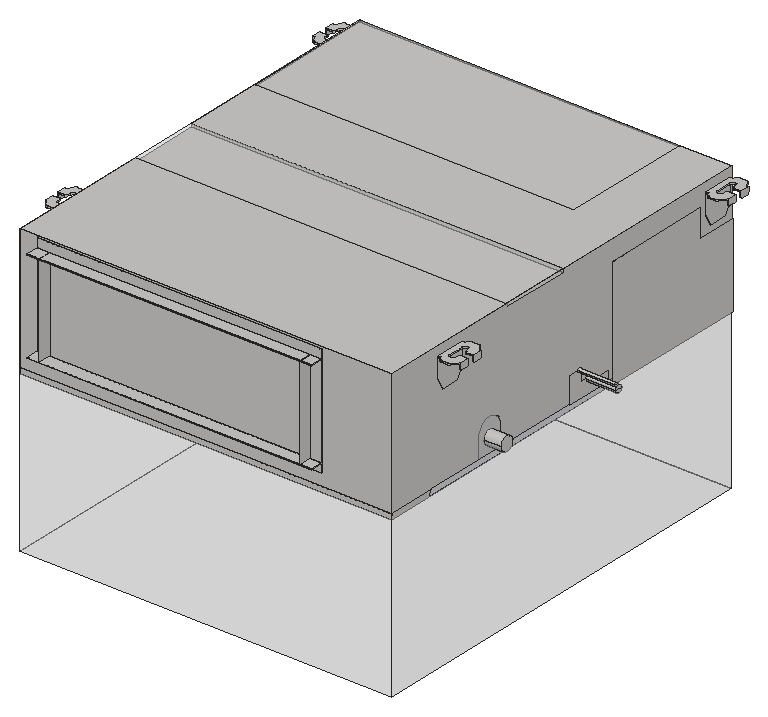
Revit family "outputfile", category 機械設備, Revit 2024
Family settings
  丸型コネクタ寸法 = 半径を使用
  パーツ タイプ = 標準
  OmniClass 番号 = 23.75.10.24.21.27.27
  OmniClass タイトル = Split System Air Conditioning Units
  作業面ベース = いいえ
  常に垂直 = はい
  ロード時にボイドで切り取り = いいえ
  注釈の向きを維持 = いいえ
  共有 = いいえ
  部屋計算ポイント = はい
Parameters (values of type "FXDBQ40AVM4")
  Description = ""
  書き出し IFC クラス(タイプ) = "IfcUnitaryEquipmentType"
  定義済み IFC タイプ(タイプ) = "AIRCONDITIONINGUNIT"
  Cost = 0
  Type Comments = ""
  Keynote = ""
  Type Image = (empty or 0)
  Assembly Code = ""
  lh_liquidpipe = [h***] + 60.0 mm  # 60.0 mm
  lh_RA [instance] = if(Rear Connection_Return Air, 125.25 mm + [h***], 245.0 mm + [h***])  # 125.25 mm
  ld_RA_length [instance] = if(Rear Connection_Return Air, 245.0 mm, 126.0 mm)  # 245.0 mm
  l_liquidpipe_length [instance] = 421.0 mm
  l_gaspipe_length [instance] = 408.0 mm
  l_drainpipe_length [instance] = 383.0 mm
  angle_vertica [instance] = 90.00°
  angle horizontal [instance] = if(Right Connection_refrigerant, 180.00°, 0.00°)  # 180.00°
  URL = ""
  Right Connection_refrigerant [instance] = yes
  製造元 = "Daikin"
  モデル = "FXDBQ40AVM4"
  w_pipe = 33.0 mm
  r_Liquid Pipe Size = Liquid Pipe Size / 2  # 3.2 mm
  r_Gas Pipe Size = Gas Pipe Size / 2  # 6.35 mm
  r_Drain Pipe Size = Drain Pipe Size / 2  # 12.5 mm
  lw_powersupply = 304.0 mm
  lw_ductflange2 = 602.0 mm
  lw_Width = 535.0 mm
  lh_suctionflange [instance] = 125.25 mm
  ld_suctionflange [instance] = if(Rear Connection_Return Air, 190.0 mm, 100.0 mm)  # 190.0 mm
  ld_powersupply = 60.0 mm
  angle_vertical_RA [instance] = if(Rear Connection_Return Air, 90.00°, 0.00°)  # 90.00°
  angle horizontal_RA [instance] = if(Rear Connection_Return Air, 180.00°, 270.00°)  # 180.00°
  Voltage_comment_60Hz = "220-230"
  Voltage_comment_50Hz = "220-240"
  Voltage_60Hz = 220 V
  Voltage_50Hz = 230 V
  Supply Air Direction [instance] = yes
  Sound Power Level_H speed (dB) = 0
  Rear Connection_Return Air [instance] = not(Bottom Connection_Return Air)  # yes
  RA_length [instance] = 245.0 mm  # constant formula
  Phase_60Hz = 1
  Phase_50Hz = 1
  Minimum External Static Pressure = 15.00 Pa
  Minimum Circuit Amps_60Hz = 1.0 A
  Minimum Circuit Amps_50Hz = 1.0 A
  Maximum Fuse Amps_60Hz = 16.0 A
  Maximum Fuse Amps_50Hz = 16.0 A
  Maximum External Static Pressure = 50.00 Pa
  Material_Casing = DAIKIN_GalvanizedSteel_Casing_indoorunit
  lw_liquidpipe = 71.0 mm  # constant formula
  lw_gaspipe = 58.0 mm  # constant formula
  lw_mountinghole_pitch = 738.0 mm
  lw_mountinghole = 20.0 mm  # constant formula
  lw_drainpipe = 33.0 mm  # constant formula
  lh_powersupply = 10.0 mm
  lh_gaspipe = [h***] + 38.0 mm  # 38.0 mm
  lh_mountinghole = Height - 15.0 mm + [h***]  # 230.0 mm
  lh_drainpipe = 150.0 mm
  lh_antena = 16.0 mm  # constant formula
  ld_liquidpipe = 193.0 mm  # constant formula
  ld_gaspipe = 130.0 mm  # constant formula
  ld_mountinghole_pitch = 630.0 mm  # constant formula
  ld_drainpipe = 280.0 mm
  ld_controlbox = 626.0 mm  # constant formula
  h*** = 0.0 mm  # constant formula
  d_dischargeflange = 25.0 mm  # constant formula
  Width = 700.0 mm
  Version = "ver.1.0"
  Unit Type = "Bedroom Duct Type"
  Unit Mass Weight = 26.00 kg
  Unit Designation [instance] = ""
  Uniclass2015Version = "Products v1.30"
  Uniclass2015Title = "Variable refrigerant flow units"
  Uniclass2015Code = "Pr_70_65_03_94"
  Total Heating Capacity [instance] = 0.000 kW
  Total Cooling Capacity [instance] = 0.000 kW
  Sound Pressure Level_M speed (dBA) = 0
  Sound Pressure Level_L speed (dBA) = 27
  Sound Pressure Level_H speed (dBA) = 35
  Series = "VRV Fan Coil Unit"
  Sensible Cooling Capacity [instance] = 0.000 kW
  SA Duct Size Width = 490.0 mm
  SA Duct Size Height = 174.0 mm
  Refrigerant Type = "R410A"
  RA Duct Size Width = 562.0 mm
  RA Duct Size Height [instance] = if(Rear Connection_Return Air, 202.6 mm, 204.0 mm)  # 202.6 mm
  Power Input (Heating) = 0.062 kW
  Power Input (Cooling) = 0.062 kW
  Option Accessory 3 [instance] = ""
  Option Accessory 2 [instance] = ""
  Option Accessory 1 [instance] = ""
  Nominal Heating Capacity = 5.000 kW
  Nominal Cooling Capacity = 4.500 kW
  Minimum Airflow = 510.00 m³/h
  Median Airflow = 630.00 m³/h
  Maximum Airflow = 798.00 m³/h
  Load Classification = HVAC
  Liquid Pipe Size = 6.4 mm
  Link_Nested Family [instance] = ""
  Left Connection_refrigerant [instance] = no
  IfcVersion = "0"
  IfcExportType = "AIRCONDITIONINGUNIT"
  IfcExportAs = "IfcUnitaryEquipmentType"
  Height = 245.0 mm
  Heating Entering Wet Bulb Temperature [instance] = 0.00 °C
  Heating Entering Dry Bulb Temperature [instance] = 0.00 °C
  Heating Ambient Wet Bulb Temperature [instance] = 0.00 °C
  Heating Ambient Dry Bulb Temperature [instance] = 0.00 °C
  Heat Exchanger Type = "Cross Fin Coil"
  Gas Pipe Size = 12.7 mm
  Frequency_60Hz = 60 Hz
  Frequency_50Hz = 50 Hz
  Fan Type = "Sirocco Fan"
  Fan Drive = "Direct Drive"
  FCU Tag No. [instance] = ""
  Drain Pipe Size = 25.0 mm
  Design Supply Airflow [instance] = 0.00 m³/h
  Design Return Airflow [instance] = 0.00 m³/h
  Design External Static Pressure [instance] = 0.00 Pa
  Depth = 800.0 mm
  既定の高さ = 0.0 mm
  Cooling Entering Wet Bulb Temperature [instance] = 0.00 °C
  Cooling Entering Dry Bulb Temperature [instance] = 0.00 °C
  Cooling Ambient Wet Bulb Temperature [instance] = 0.00 °C
  Cooling Ambient Dry Bulb Temperature [instance] = 0.00 °C
  Clearance visibility [instance] = yes
  Clearance Top = 0.0 mm
  Clearance Right = 0.0 mm
  Clearance Rear = 0.0 mm
  Clearance Left = 0.0 mm
  Clearance Front = 0.0 mm
  Clearance Bottom = 300.0 mm
  Bottom Connection_Return Air [instance] = no
Reference planes
  plane 1 "Center (Front/Back)": y = 0
  plane 2: z = 0
  plane 3 "Center (Left/Right)": x = 0
  plane 4 "Back": y = 400
  plane 5 "Front": y = -400
  plane 6 "Left": x = -350
  plane 7 "Right": x = 350
  plane 8 "Top": z = 0
  plane 9 "Bottom": z = -245
  plane 10: x = 330
  plane 11: x = -330
  plane 12: z = -235
  plane 13: z = -6
  plane 14: z = -67
  plane 15: z = -185
  plane 16: z = -207
  plane 17: x = -304
  plane 18: x = 304
  plane 19: x = -369
  plane 20: x = 369
  plane 21: x = -389
  plane 22: x = 390
  plane 23: x = 421
  plane 24: x = 408
  plane 25: x = 383
  plane 26: z = -15
  plane 27: z = -95
  plane 28 "Clearance Left": x = -350
  plane 29 "Clearance Right": x = 350
  plane 30 "Clearance Rear": y = 400
  plane 31 "Clearance Front": y = -400
  plane 32 "Clearance Top": z = 0
  plane 33 "Clearance Bottom": z = -545
  plane 34: z = -21
  plane 35: z = -206
  plane 36: z = -141.5
  plane 37: x = -40
  plane 38: y = 61
  plane 39: y = 39
  plane 40: y = -30
  plane 41: y = -171
  plane 42: z = -97.5
  plane 43: y = -400
  plane 44: x = -349
  plane 45: z = -145
  plane 46: z = -355
  plane 47: y = 210
  plane 48: z = 331
  plane 49: z = -244
  plane 50: y = 210
  plane 51: z = -146
  plane 52: x = 383
  plane 53: x = 345
  plane 54: x = 355
  plane 55: x = 351
  plane 56: x = 251
  plane 57: x = 349.004
  plane 58: x = -349
  plane 59: x = 304
  plane 60: z = -108
  plane 61: z = -234
  plane 62: x = -317
  plane 63: z = -3
  plane 64: x = -49.5
  plane 65: z = -1
  plane 66: y = 155
  plane 67: x = -50
  plane 68: y = -266
  plane 69: y = 364
  plane 70: z = -15
  plane 71: z = -185
  plane 72: z = -207
  plane 73: x = -383
  plane 74: x = -351
  plane 75: x = -421
  plane 76: x = -408
  plane 77: y = 280.25
  plane 78: z = 125.25
  plane 79: y = 117.5
  plane 80: z = -36.4
  plane 81: y = 399
Forms (mm)
  Extrusion 1, solid
    sketch origin (0, 0, 0) x (1, 0, 0) y (0, 0, 1)
      loop
        line (-350, -235) -> (-350, -245) -> (350, -245) -> (350, -235) -> (-350, -235)
    from -116.5 to 310
  Extrusion 2, solid, material "DAIKIN_GalvanizedSteel_Casing_indoorunit" <- "Material_Casing"
    sketch origin (0, 0, 0) x (1, 0, 0) y (0, 1, 0)
      loop
        line (-350, -400) -> (350, -400) -> (350, 400) -> (-350, 400) -> (-350, -400)
    from -245 to 0
  Extrusion 3, void
    sketch origin (0, 0, 1) x (1, 0, 0) y (0, 1, 0)
      loop
        line (-350, -128.821) -> (350, -128.821) -> (350, 4.179) -> (-350, 4.179) -> (-350, -128.821)
    from -1 to -7
  Revolve 4, solid, material "DAIKIN_GalvanizedSteel_Casing_indoorunit" <- "Material_Casing"
    sketch origin (0, 0, -207) x (0, -1, 0) y (1, 0, 0)
      loop
        line (-67.35, 351) -> (-61, 351) -> (-61, 408) -> (-67.35, 408) -> (-67.35, 351)
      axis (-61, 351) -> (-61, 408)
    angle from 0 to 360
  Revolve 5, solid, material "DAIKIN_GalvanizedSteel_Casing_indoorunit" <- "Material_Casing"
    sketch origin (0, 0, -185) x (0, -1, 0) y (1, 0, 0)
      loop
        line (-39, 351) -> (-39, 421) -> (-42.2, 421) -> (-42.2, 351) -> (-39, 351)
      axis (-39, 421) -> (-39, 351)
    angle from 0 to 360
  Extrusion 6, solid, material "DAIKIN_GalvanizedSteel_Casing_indoorunit" <- "Material_Casing"
    sketch origin (0, 0, 0) x (0, 1, 0) y (0, 0, 1)
      loop
        circle (-171, -206) r 13
    from 383 to 349.004
  Extrusion 7, solid, material "DAIKIN_GalvanizedSteel_Casing_indoorunit" <- "Material_Casing"
    sketch origin (0, 0, 0) x (1, 0, 0) y (0, 0, 1)
      loop
        line (-350, -235) -> (-350, -245) -> (350, -245) -> (350, -235) -> (-350, -235)
    from -116.5 to 400
  Extrusion 8, void
    sketch origin (0, 0, 0) x (1, 0, 0) y (0, 0, 1)
      loop
        line (251, 0) -> (-349, 0) -> (-349, -1) -> (251, -1) -> (251, 0)
    from -400 to -152.5
  Extrusion 9, solid, material "DAIKIN_GalvanizedSteel_Casing_indoorunit" <- "Material_Casing", visible <- "Rear Connection_Return Air"
    sketch origin (0, 0, 0) x (1, 0, 0) y (0, 1, 0)
      loop
        line (-349, 400) -> (-349, 152.5) -> (251, 152.5) -> (251, 400) -> (-349, 400)
    from -245 to -244
  Extrusion 10, solid, material "DAIKIN_GalvanizedSteel_Casing_indoorunit" <- "Material_Casing", visible <- "Bottom Connection_Return Air"
    sketch origin (0, 0, 0) x (1, 0, 0) y (0, 0, 1)
      loop
        line (251, -1) -> (-349, -1) -> (-349, -245) -> (251, -245) -> (251, -1)
    from -400 to -399
  Extrusion 11, void
    sketch origin (0, 0, 0) x (0, 1, 0) y (0, 0, 1)
      loop
        arc (-143.5, -198.721) -> (-171, -171.221) -> (-198.5, -198.721) r 27.5
        line (-198.5, -198.721) -> (-198.5, -235) -> (-143.5, -235) -> (-143.5, -198.721)
    from 349.004 to 350
  Extrusion 12, solid, material "DAIKIN_GalvanizedSteel_Casing_indoorunit" <- "Material_Casing"
    sketch origin (0, 0, 0) x (0, 1, 0) y (0, 0, 1)
      loop
        line (35.8, -185) -> (16.8, -185) -> (16.8, -235) -> (107.3, -235) -> (107.3, -217) -> (67.3, -217) -> (67.3, -207)
        arc (67.3, -207) -> (60.975, -213.325) -> (54.65, -207) r 6.325
        line (54.65, -207) -> (42.2, -207) -> (42.2, -185)
        arc (42.2, -185) -> (39, -188.2) -> (35.8, -185) r 3.2
    from 350 to 351
  Extrusion 13, void
    sketch origin (0, 0, 0) x (0, 1, 0) y (0, 0, -1)
      loop
        line (-143.5, 198.721) -> (-143.5, 235) -> (-198.5, 235) -> (-198.5, 198.721)
        arc (-198.5, 198.721) -> (-171, 171.221) -> (-143.5, 198.721) r 27.5
    from 349 to 350
  Extrusion 14, solid, material "DAIKIN_GalvanizedSteel_Casing_indoorunit" <- "Material_Casing"
    sketch origin (0, 0, 0) x (0, 1, 0) y (0, 0, -1)
      loop
        circle (-171, 206) r 13
    from 383 to 349
  Extrusion 15, solid, material "DAIKIN_GalvanizedSteel_Casing_indoorunit" <- "Material_Casing"
    sketch origin (0, 0, 0) x (0, 1, 0) y (0, 0, -1)
      loop
        arc (35.8, 185) -> (39, 188.2) -> (42.2, 185) r 3.2
        line (42.2, 185) -> (42.2, 207) -> (54.65, 207)
        arc (54.65, 207) -> (60.975, 213.325) -> (67.3, 207) r 6.325
        line (67.3, 207) -> (67.3, 217) -> (107.3, 217) -> (107.3, 235) -> (16.8, 235) -> (16.8, 185) -> (35.8, 185)
    from 350 to 351
  Revolve 16, solid, material "DAIKIN_GalvanizedSteel_Casing_indoorunit" <- "Material_Casing"
    sketch origin (0, 0, -185) x (0, -1, 0) y (1, 0, 0)
      loop
        line (-39, -351) -> (-42.2, -351) -> (-42.2, -421) -> (-39, -421) -> (-39, -351)
      axis (-39, -421) -> (-39, -351)
    angle from 0 to 360
  Revolve 17, solid, material "DAIKIN_GalvanizedSteel_Casing_indoorunit" <- "Material_Casing"
    sketch origin (0, 0, -207) x (0, -1, 0) y (1, 0, 0)
      loop
        line (-67.35, -351) -> (-67.35, -408) -> (-61, -408) -> (-61, -351) -> (-67.35, -351)
      axis (-61, -351) -> (-61, -408)
    angle from 0 to 360
  Extrusion 18, solid, material "DAIKIN_GalvanizedSteel_Casing_indoorunit" <- "Material_Casing"
    sketch origin (0, 0, 0) x (0, 1, 0) y (0, 0, 1)
      loop
        line (117.5, -36.4) -> (117.5, -245) -> (400, -245) -> (400, -88) -> (322.4, -88) -> (322.4, -36.4) -> (117.5, -36.4)
    from 351 to 350
Cuts and joins
  Extrusion 3, Extrusion 8, Extrusion 11, Extrusion 13 cuts Extrusion 2
  Extrusion 8, Extrusion 11, Extrusion 13 cuts Extrusion 7
Dimensions and locks
  "lh_powersupply": plane 12 to plane 9 "Bottom"
  locked: plane 8 "Top" to plane 13 at 6
  "Height": plane 8 "Top" to plane 9 "Bottom"
  equal spacing: plane 17, plane 3 "Center (Left/Right)", plane 18, locked at 304 each
  locked: plane 17 to plane 18 at 608
  equal spacing: plane 19, plane 3 "Center (Left/Right)", plane 20
  "lw_mountinghole_pitch": plane 19 to plane 20
  locked: plane 14 to plane 9 "Bottom" at 178
  "lw_mountinghole": plane 21 to plane 19
  locked: plane 15 to plane 9 "Bottom" at 60
  "lh_gaspipe": plane 16 to plane 9 "Bottom"
  "lh_mountinghole": plane 26 to plane 9 "Bottom"
  equal spacing: plane 6 "Left", plane 3 "Center (Left/Right)", plane 7 "Right"
  "Width": plane 6 "Left" to plane 7 "Right"
  "lh_drainpipe": plane 27 to plane 9 "Bottom"
  "Clearance Right": plane 7 "Right" to plane 29 "Clearance Right"
  "Clearance Left": plane 28 "Clearance Left" to plane 6 "Left"
  "lw_gaspipe": plane 7 "Right" to plane 24
  "lw_liquidpipe": plane 7 "Right" to plane 23
  "lw_drainpipe": plane 7 "Right" to plane 25
  "Clearance Rear": plane 30 "Clearance Rear" to plane 4 "Back"
  "Clearance Front": plane 5 "Front" to plane 31 "Clearance Front"
  "Clearance Top": plane 32 "Clearance Top" to plane 8 "Top"
  "Clearance Bottom": plane 9 "Bottom" to plane 33 "Clearance Bottom"
  locked: plane 8 "Top" to plane 34 at 21
  locked: plane 8 "Top" to plane 35 at 206
  locked: plane 36 to plane 9 "Bottom" at 103.5
  locked: plane 34 to plane 42 at 76.5
  locked: plane 44 to plane 6 "Left" at 1
  locked: plane 12 to plane 45 at 90
  locked: plane 46 to plane 33 "Clearance Bottom" at 190
  plane 48 to plane 26 = 346.0 mm
  locked: plane 49 to plane 9 "Bottom" at 1
  "ld_suctionflange": plane 4 "Back" to plane 50
  locked: plane 51 to plane 9 "Bottom" at 99
  locked: plane 7 "Right" to plane 52 at 33
  locked: plane 53 to plane 7 "Right" at 5
  locked: plane 7 "Right" to plane 54 at 5
  locked: plane 7 "Right" to plane 55 at 1
  plane 7 "Right" to plane 56 = 99.0 mm
  locked: plane 7 "Right" to plane 57 at 0.996
  locked: plane 58 to plane 6 "Left" at 1
  "lw_powersupply": plane 3 "Center (Left/Right)" to plane 59
  locked: plane 61 to plane 9 "Bottom" at 11
  locked: plane 6 "Left" to plane 62 at 33
  locked: plane 8 "Top" to plane 63 at 3
  locked: plane 8 "Top" to plane 65 at 1
  plane 66 to plane 4 "Back" = 245.0 mm
  "ld_mountinghole_pitch": plane 69 to plane 68
  locked: plane 8 "Top" to plane 70 at 15
  "Depth": plane 4 "Back" to plane 43
  equal spacing: plane 4 "Back", plane 1 "Center (Front/Back)", plane 43, locked at 400 each
  locked: plane 31 "Clearance Front" to plane 41 at 229
  locked: plane 31 "Clearance Front" to plane 39 at 439
  locked: plane 39 to plane 38 at 22
  locked: plane 8 "Top" to plane 71 at 185
  locked: plane 71 to plane 72 at 22
  locked: plane 60 to plane 9 "Bottom" at 137
  plane 72 to plane 9 "Bottom" = 38.0 mm
  locked: plane 73 to plane 6 "Left" at 33
  locked: plane 74 to plane 6 "Left" at 1
  locked: plane 75 to plane 6 "Left" at 71
  locked: plane 76 to plane 6 "Left" at 58
  "r_Liquid Pipe Size": Revolve 5 sketch curve to Revolve 5 sketch curve
  "r_Gas Pipe Size": Revolve 4 sketch curve to Revolve 4 sketch curve
  "lh_suctionflange": plane 78 to level
  "r_Liquid Pipe Size": Revolve 16 sketch curve to Revolve 16 sketch curve
  "r_Gas Pipe Size": Revolve 17 sketch curve to Revolve 17 sketch curve
  locked: plane 68 to plane 43 at 134
  "ld_RA_length": plane 30 "Clearance Rear" to plane 66
  locked: plane 30 "Clearance Rear" to Extrusion 9 sketch curve at 247.5
  locked: plane 79 to plane 30 "Clearance Rear" at 282.5
  locked: plane 80 to plane 9 "Bottom" at 208.6
  locked: Extrusion 18 sketch curve to Extrusion 18 sketch curve at 51.6
  locked: Extrusion 18 sketch curve to nested 8 at 77.6
  locked: plane 4 "Back" to plane 81 at 1
  aligned and locked: level to plane 2
  aligned and locked: Extrusion 2 to plane 9 "Bottom"
  aligned and locked: plane 8 "Top" to Extrusion 2
  aligned and locked: Revolve 4 sketch curve to Revolve 4 sketch curve
  aligned and locked: plane 20 to nested 2
  aligned and locked: plane 19 to nested 3
  aligned and locked: plane 19 to nested 4
  aligned and locked: nested 7 to plane 12
  aligned and locked: Extrusion 7 to plane 9 "Bottom"
  aligned and locked: Extrusion 6 sketch curve to plane 41
  aligned and locked: plane 4 "Back" to Extrusion 8
  aligned and locked: plane 8 "Top" to Extrusion 3
  aligned and locked: plane 9 "Bottom" to Extrusion 9  (x2)
  aligned and locked: Extrusion 9 to plane 49
  aligned and locked: Extrusion 8 to level
  aligned and locked: plane 30 "Clearance Rear" to nested 8
  aligned and locked: plane 29 "Clearance Right" to nested 8
  aligned and locked: plane 28 "Clearance Left" to nested 8
  aligned and locked: nested 8 to plane 32 "Clearance Top"
  aligned and locked: nested 8 to plane 33 "Clearance Bottom"
  aligned and locked: Extrusion 3 to plane 13
  aligned and locked: plane 7 "Right" to cut or joined group of Extrusion 2, Extrusion 3, Extrusion 8, Extrusion 11, Extrusion 13  (x2)
  aligned and locked: plane 52 to Extrusion 6
  aligned and locked: plane 56 to Extrusion 8 sketch curve
  aligned and locked: Extrusion 9 to plane 56
  aligned and locked: cut or joined group of Extrusion 2, Extrusion 3, Extrusion 8, Extrusion 11, Extrusion 13 to plane 43
  aligned and locked: nested 7 to plane 59
  aligned and locked: nested 6 to plane 1 "Center (Front/Back)"
  aligned and locked: plane 3 "Center (Left/Right)" to nested 6
  aligned and locked: plane 60 to nested 5  (x2)
  aligned and locked: nested 10 to plane 62
  aligned and locked: nested 10 to plane 63
  aligned and locked: plane 64 to nested 5
  aligned and locked: nested 11 to plane 58
  aligned and locked: plane 4 "Back" to nested 11
  aligned and locked: plane 65 to nested 11
  aligned and locked: plane 4 "Back" to Extrusion 10
  aligned and locked: plane 65 to Extrusion 10
  aligned and locked: Extrusion 10 to plane 9 "Bottom"
  aligned and locked: Extrusion 10 to plane 56
  aligned and locked: plane 4 "Back" to nested 7
  aligned and locked: nested 13 to plane 68
  aligned and locked: plane 6 "Left" to nested 13
  aligned and locked: plane 68 to nested 12
  aligned and locked: nested 12 to plane 7 "Right"
  aligned and locked: nested 15 to plane 69
  aligned and locked: plane 6 "Left" to nested 15
  aligned and locked: plane 69 to nested 14
  aligned and locked: nested 14 to plane 7 "Right"
  aligned and locked: plane 70 to nested 13
  aligned and locked: plane 70 to nested 15
  aligned and locked: plane 20 to nested 1
  aligned and locked: nested 1 to plane 69
  aligned and locked: nested 4 to plane 69
  aligned and locked: nested 3 to plane 68
  aligned and locked: nested 2 to plane 68
  aligned and locked: cut or joined group of Extrusion 2, Extrusion 3, Extrusion 8, Extrusion 11, Extrusion 13 to plane 57
  aligned and locked: Extrusion 6 to plane 57
  aligned and locked: nested 5 to plane 64
  aligned and locked: nested 5 to plane 43
  aligned and locked: cut or joined group of Extrusion 7, Extrusion 8, Extrusion 11, Extrusion 13 to plane 43
  aligned and locked: plane 7 "Right" to Extrusion 12
  aligned and locked: plane 55 to Extrusion 12
  aligned and locked: plane 71 to Revolve 5
  aligned and locked: plane 72 to Revolve 4
  aligned and locked: plane 72 to Extrusion 12
  aligned and locked: Extrusion 12 to plane 12
  aligned and locked: plane 71 to Extrusion 12
  aligned and locked: cut or joined group of Extrusion 2, Extrusion 3, Extrusion 8, Extrusion 11, Extrusion 13 to plane 6 "Left"  (x2)
  aligned and locked: plane 58 to cut or joined group of Extrusion 2, Extrusion 3, Extrusion 8, Extrusion 11, Extrusion 13
  aligned and locked: plane 58 to Extrusion 14
  aligned and locked: Extrusion 14 to plane 73
  aligned and locked: plane 6 "Left" to Extrusion 15
  aligned and locked: Extrusion 15 to plane 74
  aligned and locked: Revolve 16 to plane 74
  aligned and locked: Revolve 16 to plane 75
  aligned and locked: Revolve 17 sketch curve to Revolve 17 sketch curve
  aligned and locked: Revolve 17 to plane 74
  aligned and locked: Revolve 17 to plane 76
  aligned and locked: nested 16 to plane 39
  aligned and locked: nested 17 to plane 38
  aligned and locked: nested 17 to plane 3 "Center (Left/Right)"
  aligned and locked: plane 71 to Revolve 16
  aligned and locked: plane 72 to Revolve 17
  aligned and locked: plane 43 to nested 10
  aligned and locked: nested 8 to plane 43
  aligned and locked: nested 18 to plane 41
  aligned and locked: plane 3 "Center (Left/Right)" to nested 18
  aligned and locked: plane 35 to nested 18
  aligned and locked: nested 9 to plane 67  (x2)
  aligned and locked: plane 70 to nested 12
  aligned and locked: plane 70 to nested 14
  aligned and locked: nested 9 to plane 66
  aligned and locked: plane 29 "Clearance Right" to Extrusion 18
  aligned and locked: plane 55 to Extrusion 18
  aligned and locked: plane 80 to Extrusion 18
  aligned and locked: plane 79 to Extrusion 18
  aligned and locked: nested 19 to plane 9 "Bottom"
  aligned and locked: nested 19 to plane 56
  aligned and locked: nested 19 to plane 81
  aligned and locked: level to plane 8 "Top"
Automatic sketch dimensions
  Extrusion 1 sketch curve to plane 6 "Left" = 0.0 mm
  Extrusion 1 sketch curve to plane 7 "Right" = 0.0 mm
  Extrusion 1 sketch curve to plane 9 "Bottom" = 0.0 mm
  Extrusion 1 sketch curve to plane 12 = 0.0 mm
  Extrusion 2 sketch curve to plane 4 "Back" = 0.0 mm
  Extrusion 2 sketch curve to plane 6 "Left" = 0.0 mm
  Extrusion 2 sketch curve to plane 7 "Right" = 0.0 mm
  Extrusion 2 sketch curve to plane 43 = 0.0 mm
  Extrusion 3 sketch curve to plane 6 "Left" = 0.0 mm
  Extrusion 3 sketch curve to plane 7 "Right" = 0.0 mm
  plane 41 to Extrusion 3 sketch curve = 42.179 mm
  Extrusion 3 sketch curve to plane 1 "Center (Front/Back)" = 4.179 mm
  Revolve 4 sketch curve to plane 24 = 0.0 mm
  Revolve 4 sketch curve to plane 38 = 0.0 mm
  Revolve 4 sketch curve to plane 55 = 0.0 mm
  plane 55 to Revolve 4 sketch curve = 1.003 mm
  plane 24 to Revolve 4 sketch curve = 1.003 mm
  Revolve 5 sketch curve to plane 39 = 0.0 mm  (x2)
  Revolve 5 sketch curve to plane 23 = 0.0 mm  (x2)
  Revolve 5 sketch curve to plane 55 = 0.0 mm  (x2)
  Extrusion 6 sketch curve to plane 35 = 0.0 mm
  Extrusion 7 sketch curve to plane 6 "Left" = 0.0 mm
  Extrusion 7 sketch curve to plane 7 "Right" = 0.0 mm
  Extrusion 7 sketch curve to plane 9 "Bottom" = 0.0 mm
  Extrusion 7 sketch curve to plane 12 = 0.0 mm
  Extrusion 9 sketch curve to plane 44 = 0.0 mm
  Extrusion 9 sketch curve to plane 4 "Back" = 0.0 mm
  Extrusion 9 sketch curve to plane 56 = 0.0 mm
  Extrusion 10 sketch curve to plane 44 = 0.0 mm
  Extrusion 10 sketch curve to plane 9 "Bottom" = 0.0 mm
  Extrusion 10 sketch curve to plane 56 = 0.0 mm
  Extrusion 10 sketch curve to plane 65 = 0.0 mm
  Extrusion 11 sketch curve to plane 12 = 0.0 mm
  Extrusion 11 sketch curve to plane 41 = 0.0 mm
  Extrusion 11 sketch curve to plane 41 = 27.5 mm
  plane 35 to Extrusion 11 sketch curve = 7.279 mm
  Extrusion 12 sketch curve to plane 15 = 0.0 mm
  Extrusion 12 sketch curve to plane 12 = 0.0 mm
  Extrusion 12 sketch curve to plane 39 = 0.0 mm
  Extrusion 12 sketch curve to plane 72 = 0.0 mm
  Extrusion 12 sketch curve to Extrusion 12 sketch curve = 3.2 mm
  Extrusion 12 sketch curve to plane 1 "Center (Front/Back)" = 16.8 mm
  Extrusion 12 sketch curve to plane 38 = 6.35 mm
  Extrusion 12 sketch curve to plane 38 = 0.025 mm
  Extrusion 12 sketch curve to Extrusion 12 sketch curve = 40.0 mm
  Extrusion 12 sketch curve to Extrusion 12 sketch curve = 10.0 mm
  Extrusion 13 sketch curve to plane 12 = 0.0 mm
  Extrusion 13 sketch curve to plane 41 = 0.0 mm
  Extrusion 13 sketch curve to plane 41 = 27.5 mm
  plane 35 to Extrusion 13 sketch curve = 7.279 mm
  Extrusion 14 sketch curve to plane 35 = 0.0 mm
  Extrusion 14 sketch curve to plane 41 = 0.0 mm
  Extrusion 15 sketch curve to plane 15 = 0.0 mm
  Extrusion 15 sketch curve to plane 12 = 0.0 mm
  Extrusion 15 sketch curve to plane 39 = 0.0 mm
  Extrusion 15 sketch curve to plane 72 = 0.0 mm
  Extrusion 15 sketch curve to Extrusion 15 sketch curve = 3.2 mm
  Extrusion 15 sketch curve to plane 1 "Center (Front/Back)" = 16.8 mm
  Extrusion 15 sketch curve to plane 38 = 6.35 mm
  Extrusion 15 sketch curve to plane 38 = 0.025 mm
  Extrusion 15 sketch curve to Extrusion 15 sketch curve = 40.0 mm
  Extrusion 15 sketch curve to Extrusion 15 sketch curve = 10.0 mm
  Revolve 16 sketch curve to plane 74 = 0.0 mm  (x2)
  Revolve 16 sketch curve to plane 75 = 0.0 mm  (x2)
  Revolve 16 sketch curve to plane 39 = 0.0 mm  (x2)
  Revolve 17 sketch curve to plane 74 = 0.0 mm
  Revolve 17 sketch curve to plane 38 = 0.0 mm
  plane 75 to Revolve 17 sketch curve = 13.0 mm
  Revolve 17 sketch curve to plane 74 = 1.003 mm
  Revolve 17 sketch curve to Revolve 17 sketch curve = 1.003 mm
  Extrusion 8 sketch curve to plane 44 = 0.0 mm
  Extrusion 8 sketch curve to level = 0.0 mm
  Extrusion 8 sketch curve to plane 65 = 0.0 mm
  Extrusion 18 sketch curve to plane 9 "Bottom" = 0.0 mm
  Extrusion 18 sketch curve to plane 79 = 0.0 mm
  Extrusion 18 sketch curve to plane 80 = 0.0 mm
  Extrusion 18 sketch curve to plane 4 "Back" = 0.0 mm
  radius of Extrusion 6 sketch curve = 13.0 mm
  radius of Extrusion 14 sketch curve = 13.0 mm
Nested families
  nested 1: "daikin_mountinghole" at (369, 364, -245), l_antenna <- "lh_antena", Link_Nested Family <- "Link_Nested Family", h_mountinghole <- "lh_mountinghole", type "daikin_mountinghole"
    with show yes, l_antenna 16.0 mm, h_mountinghole 230.0 mm, Link_Nested Family ""
  nested 2: "daikin_mountinghole" at (369, -266, -245), Link_Nested Family <- "Link_Nested Family", l_antenna <- "lh_antena", h_mountinghole <- "lh_mountinghole", type "daikin_mountinghole"
    with show yes, l_antenna 16.0 mm, h_mountinghole 230.0 mm, Link_Nested Family ""
  nested 3: "daikin_mountinghole" at (-369, -266, -245), l_antenna <- "lh_antena", Link_Nested Family <- "Link_Nested Family", h_mountinghole <- "lh_mountinghole", type "daikin_mountinghole"
    with show yes, l_antenna 16.0 mm, h_mountinghole 230.0 mm, Link_Nested Family ""
  nested 4: "daikin_mountinghole" at (-369, 364, -245), l_antenna <- "lh_antena", Link_Nested Family <- "Link_Nested Family", h_mountinghole <- "lh_mountinghole", type "daikin_mountinghole"
    with show yes, l_antenna 16.0 mm, h_mountinghole 230.0 mm, Link_Nested Family ""
  nested 5: "daikin_connector_rotate2" at (-49.5, -400, -108), length <- "d_dischargeflange", type "daikin_connector_rotate2"
    with radius 10.0 mm, length 25.0 mm, angle_vertical 90.00°, show_face no
  nested 6: "daikin_△_symbolicline" at (-75, -129.904, 245) x (-0.5, 0.866, 0) z (0, 0, 1), built-in parameter 1001364 <- "Height", visible <- "Supply Air Direction", type "daikin_△_symbolicline"
    with length 300.0 mm
  nested 7: "daikin_connector_rotate2" at (304, 340, -235) x (-1, 0, 0) z (0, 0, 1), built-in parameter 1001364 <- "lw_powersupply", length <- "ld_powersupply", type "daikin_connector_rotate2"
    with radius 10.0 mm, length 60.0 mm, angle_vertical 90.00°, show_face no
  nested 8: "daikin_clearancespace" at (0, 0, -272.381), visible <- "Clearance visibility", show <- "Clearance visibility", Link_Nested Family <- "Link_Nested Family", type "daikin_clearancespace"
    with width 700.0 mm, show yes, height 545.0 mm, depth 800.0 mm, Link_Nested Family ""
  nested 9: "daikin_connector_rotate3" at (-50, 155, -119.75), angle_vertical <- "angle_vertical_RA", angle_horizontal <- "angle horizontal_RA", length <- "RA_length", built-in parameter 1001364 <- "lh_RA", type "daikin_connector_rotate3"
    with show no, radius 10.0 mm, length 245.0 mm, angle_vertical 90.00°, angle_horizontal 180.00°
  nested 10: "daikin_ductflange_FXDBQ-AVM4" at (-49.5, -86.5, -385.201), width <- "lw_Width", material <- "Material_Casing", type "daikin_ductflange_FXDBQ-AVM4"
    with width 535.0 mm, material DAIKIN_GalvanizedSteel_Casing_indoorunit, height 176.0 mm, depth 25.0 mm
  nested 11: "daikin_ductflange_FXDBQ-AVM4_2" at (-49, 400, -119.75), material <- "Material_Casing", visible <- "Rear Connection_Return Air", width <- "lw_ductflange2", rear <- "Rear Connection_Return Air", bottom <- "Bottom Connection_Return Air", type "daikin_ductflange_FXDBQ-AVM4_2"
    with width 602.0 mm, rear yes, material DAIKIN_GalvanizedSteel_Casing_indoorunit, height 245.0 mm, depth 1.0 mm, bottom no, H2 18.5 mm, H1 202.5 mm
  nested 12: "daikin_hangerfixture_FXDBQ-AVM4" at (350, -266, -15) x (0, 1, 0) z (0, 0, 1), type "daikin_hangerfixture_FXDBQ-AVM4"
  nested 13: "daikin_hangerfixture_FXDBQ-AVM4" at (-350, -266, -15) x (0, -1, 0) z (0, 0, 1), type "daikin_hangerfixture_FXDBQ-AVM4"
  nested 14: "daikin_hangerfixture_FXDBQ-AVM4" at (350, 364, -15) x (0, 1, 0) z (0, 0, 1), type "daikin_hangerfixture_FXDBQ-AVM4"
  nested 15: "daikin_hangerfixture_FXDBQ-AVM4" at (-350, 364, -15) x (0, -1, 0) z (0, 0, 1), type "daikin_hangerfixture_FXDBQ-AVM4"
  nested 16: "daikin_connector_rotate3" at (0, 39, -185) x (0, -1, 0) z (0, 0, 1), radius <- "r_Liquid Pipe Size", angle_vertical <- "angle_vertica", length <- "l_liquidpipe_length", angle_horizontal <- "angle horizontal", type "daikin_connector_rotate3"
    with show no, radius 3.2 mm, length 421.0 mm, angle_vertical 90.00°, angle_horizontal 180.00°
  nested 17: "daikin_connector_rotate3" at (0, 61, -207) x (0, -1, 0) z (0, 0, 1), angle_vertical <- "angle_vertica", angle_horizontal <- "angle horizontal", length <- "l_gaspipe_length", radius <- "r_Gas Pipe Size", type "daikin_connector_rotate3"
    with show no, radius 6.35 mm, length 408.0 mm, angle_vertical 90.00°, angle_horizontal 180.00°
  nested 18: "daikin_connector_rotate3" at (0, -171, -206) x (0, -1, 0) z (0, 0, 1), angle_vertical <- "angle_vertica", angle_horizontal <- "angle horizontal", length <- "l_drainpipe_length", radius <- "r_Drain Pipe Size", type "daikin_connector_rotate3"
    with show no, radius 12.5 mm, length 383.0 mm, angle_vertical 90.00°, angle_horizontal 180.00°
  nested 19: "daikin_ductflange_FXDBQ-AVM4_2" at (-49, 274.75, -244) x (1, 0, 0) z (0, -1, 0), width <- "lw_ductflange2", material <- "Material_Casing", visible <- "Bottom Connection_Return Air", rear <- "Rear Connection_Return Air", bottom <- "Bottom Connection_Return Air", type "daikin_ductflange_FXDBQ-AVM4_2"
    with width 602.0 mm, rear yes, material DAIKIN_GalvanizedSteel_Casing_indoorunit, height 245.0 mm, depth 1.0 mm, bottom no, H2 18.5 mm, H1 202.5 mm
Connectors
  hvac at (-49.5, -425, -108), driven by "SA Duct Size Height", driven by "SA Duct Size Width"
    settings: on nested 5, index 7, duct flow 0.00 m³/h, flow factor 0, pres drop 0.00 Pa, loss coef 0, conn angle 0.00°, conn width 490.0 mm, conn height 174.0 mm, conn diameter 609.6 mm, duct sys type 1, conn prof type 1, flow config 0, flow direction 2, loss method 4, conn ref index -1, conn util no, is conn primary yes, conn desc "SA Duct"
  electrical at (304, 400, -235), driven by "Load Classification"
    settings: on nested 7, index 9, voltage 0 V, apparent load 0 VA, apparent load phase1 0 VA, apparent load phase2 0 VA, apparent load phase3 0 VA, power factor 1, load classification "HVAC", number of poles 1, system type 30, power factor state 1, is connector primary yes, connector utility no, sub classification motor no, connector description "Power Supply"
  hvac at (-50, 400, -119.75), driven by "RA Duct Size Height", driven by "RA Duct Size Width"
    settings: on nested 9, index 10, duct flow 0.00 m³/h, flow factor 0, pres drop 0.00 Pa, loss coef 0, conn angle 0.00°, conn width 562.0 mm, conn height 202.6 mm, conn diameter 609.6 mm, duct sys type 2, conn prof type 1, flow config 0, flow direction 1, loss method 4, conn ref index -1, conn util no, is conn primary no, conn desc "RA Duct"
  piping at (408, 61, -207), diameter 12.7, driven by "r_Gas Pipe Size"
    settings: on nested 17, index 13, connector inside diameter 609.6 mm, connector length 0.0 mm, flow factor 0, pipe flow 0.00 m³/h, pressure drop 0.0 Pa, fitting loss kfactor 0, connector angle 0.00°, fixture units 0, engagement length 0.0 mm, angle of deflection 0.00°, flow configuration 1, flow direction 2, fitting loss method 0, system type 29, joint type 0, gender type 0, connector reference index -1, connector utility 0, adjustable connector no, is connector primary yes, connector description "Refrigerant Gas Piping"
  piping at (421, 39, -185), diameter 6.4, driven by "r_Liquid Pipe Size"
    settings: on nested 16, index 14, connector inside diameter 609.6 mm, connector length 0.0 mm, flow factor 0, pipe flow 0.00 m³/h, pressure drop 0.0 Pa, fitting loss kfactor 0, connector angle 0.00°, fixture units 0, engagement length 0.0 mm, angle of deflection 0.00°, flow configuration 1, flow direction 1, fitting loss method 0, system type 29, joint type 0, gender type 0, connector reference index -1, connector utility 0, adjustable connector no, is connector primary no, connector description "Refrigerant Liquid Piping"
  piping at (383, -171, -206), diameter 25, driven by "r_Drain Pipe Size"
    settings: on nested 18, index 15, connector inside diameter 609.6 mm, connector length 0.0 mm, flow factor 0, pipe flow 0.00 m³/h, pressure drop 0.0 Pa, fitting loss kfactor 0, connector angle 0.00°, fixture units 0, engagement length 0.0 mm, angle of deflection 0.00°, flow configuration 1, flow direction 2, fitting loss method 4, system type 16, joint type 0, gender type 0, connector reference index -1, connector utility 0, adjustable connector no, is connector primary no, connector description "Condensate Drain Piping"
Definition of nested family "daikin_clearancespace"
  Parameters (values of type "daikin_clearancespace")
    width [instance] = 1823.963 mm
    show [instance] = yes
    material = none
    height [instance] = 1359.762 mm
    depth [instance] = 880.0 mm
    Default Elevation = 0.0 mm
    Link_Nested Family [instance] = ""
  Reference planes
    plane 1 "Center (Front/Back)": y = 0
    plane 2 "Center (Elevation)": z = -0.119
    plane 3 "Center (Left/Right)": x = 0
    plane 4: y = 440
    plane 5: y = -440
    plane 6 "Right": x = 911.982
    plane 7 "Left": x = -911.982
    plane 8 "Top": z = 679.762
    plane 9 "Bottom": z = -680
  Forms (mm)
    Extrusion 1, solid, material <- "material", visible <- "show"
      sketch origin (0, 0, 0) x (1, 0, 0) y (0, 1, 0)
        loop
          line (-911.982, 440) -> (-911.982, -440) -> (911.982, -440) -> (911.982, 440) -> (-911.982, 440)
      from -680 to 679.762
  Lines and regions (mm)
    symbolic lines, visible <- "show"
      curve 1: line (911.982, 440, 0) -> (-911.982, 440, 0)
      curve 2: line (-911.982, 440, 0) -> (-911.982, -440, 0)
      curve 3: line (-911.982, -440, 0) -> (911.982, -440, 0)
      curve 4: line (911.982, -440, 0) -> (911.982, 440, 0)
      curve 5: line (911.982, 0, 679.762) -> (-911.982, 0, 679.762)
      curve 6: line (911.982, 0, -680) -> (911.982, 0, 679.762)
      curve 7: line (-911.982, 0, -680) -> (911.982, 0, -680)
      curve 8: line (-911.982, 0, 679.762) -> (-911.982, 0, -680)
      curve 9: line (0, 440, 679.762) -> (0, -440, 679.762)
      curve 10: line (0, -440, 679.762) -> (0, -440, -680)
      curve 11: line (0, 440, -680) -> (0, 440, 679.762)
      curve 12: line (0, -440, -680) -> (0, 440, -680)
  Dimensions and locks
    "width": plane 7 "Left" to plane 6 "Right"
    "depth": plane 4 to plane 5
    "height": plane 8 "Top" to plane 9 "Bottom"
    equal spacing: plane 7 "Left", plane 3 "Center (Left/Right)", plane 6 "Right"
    equal spacing: plane 4, plane 1 "Center (Front/Back)", plane 5
    equal spacing: plane 8 "Top", plane 2 "Center (Elevation)", plane 9 "Bottom"
    aligned and locked: level to plane 2 "Center (Elevation)"
    aligned and locked: Extrusion 1 sketch curve to plane 4
    aligned and locked: plane 7 "Left" to Extrusion 1 sketch curve
    aligned and locked: Extrusion 1 sketch curve to plane 5
    aligned and locked: Extrusion 1 sketch curve to plane 6 "Right"
    aligned and locked: plane 8 "Top" to Extrusion 1
    aligned and locked: curve 1 to Extrusion 1
    aligned and locked: curve 2 to Extrusion 1
    aligned and locked: curve 3 to Extrusion 1
    aligned and locked: curve 4 to Extrusion 1
    aligned and locked: curve 5 to Extrusion 1
    aligned and locked: curve 6 to Extrusion 1
    aligned and locked: curve 7 to Extrusion 1
    aligned and locked: curve 8 to Extrusion 1
    aligned and locked: curve 9 to Extrusion 1
    aligned and locked: curve 10 to Extrusion 1
    aligned and locked: curve 11 to Extrusion 1
    aligned and locked: curve 12 to Extrusion 1
    aligned and locked: Extrusion 1 to plane 9 "Bottom"
Definition of nested family "daikin_ductflange_FXDBQ-AVM4"
  Parameters (values of type "daikin_ductflange_FXDBQ-AVM")
    width [instance] = 535.0 mm
    material [instance] = none
    height [instance] = 176.0 mm
    depth [instance] = 25.0 mm
    Default Elevation = 0.0 mm
  Reference planes
    plane 1 "Center (Front/Back)": y = 0
    plane 2: z = 189.201
    plane 3 "Center (Left/Right)": x = 0
    plane 4: y = -313.5
    plane 5: x = -267.5
    plane 6: x = 267.5
    plane 7: y = -338.5
    plane 8: z = 365.201
    plane 9: z = 277.201
    plane 10: z = 364.201
    plane 11: z = 190.201
  Forms (mm)
    Extrusion 1, solid, material <- "material"
      sketch origin (0, 0, 189.201) x (1, 0, 0) y (0, 1, 0)
        loop
          line (-245, -338.5) -> (-245, -313.5) -> (-267.5, -313.5) -> (-267.5, -314.5) -> (-246, -314.5) -> (-246, -338.5) -> (-245, -338.5)
        loop
          line (245, -338.5) -> (246, -338.5) -> (246, -314.5) -> (267.5, -314.5) -> (267.5, -313.5) -> (245, -313.5) -> (245, -338.5)
      from 1 to 175
    Extrusion 2, solid, material <- "material"
      sketch origin (0, 0, 0) x (0, 1, 0) y (0, 0, 1)
        loop
          line (-338.5, 364.201) -> (-313.5, 364.201) -> (-313.5, 382.201) -> (-314.5, 382.201) -> (-314.5, 365.201) -> (-338.5, 365.201) -> (-338.5, 364.201)
        loop
          line (-313.5, 190.201) -> (-338.5, 190.201) -> (-338.5, 189.201) -> (-314.5, 189.201) -> (-314.5, 172.201) -> (-313.5, 172.201) -> (-313.5, 190.201)
      from -267.5 to 267.5
  Dimensions and locks
    plane 4 to plane 1 "Center (Front/Back)" = 313.5 mm
    "depth": plane 7 to plane 4
    equal spacing: plane 8, plane 9, level
    "height": plane 8 to level
    equal spacing: plane 6, plane 3 "Center (Left/Right)", plane 5
    "width": plane 6 to plane 5
    plane 5 to plane 6 = 535.0 mm
    locked: plane 8 to plane 10 at 1
    locked: plane 11 to level at 1
    locked: Extrusion 1 sketch curve to Extrusion 1 sketch curve at 1
    aligned and locked: level to plane 2
    aligned and locked: Extrusion 2 to plane 5
    aligned and locked: plane 6 to Extrusion 2
    aligned and locked: plane 10 to Extrusion 1
    aligned and locked: Extrusion 1 to plane 5  (x2)
    aligned and locked: plane 6 to Extrusion 1  (x2)
  Automatic sketch dimensions
    Extrusion 1 sketch curve to plane 5 = 0.0 mm
    Extrusion 1 sketch curve to plane 7 = 0.0 mm  (x2)
    Extrusion 1 sketch curve to plane 4 = 0.0 mm  (x2)
    Extrusion 1 sketch curve to plane 6 = 0.0 mm
    plane 5 to Extrusion 1 sketch curve = 21.5 mm
    Extrusion 1 sketch curve to Extrusion 1 sketch curve = 1.0 mm  (x2)
    Extrusion 1 sketch curve to plane 6 = 22.5 mm
    Extrusion 1 sketch curve to plane 4 = 1.0 mm
    Extrusion 2 sketch curve to plane 7 = 0.0 mm  (x2)
    Extrusion 2 sketch curve to level = 0.0 mm
    Extrusion 2 sketch curve to plane 8 = 0.0 mm
    Extrusion 2 sketch curve to plane 4 = 0.0 mm  (x2)
    Extrusion 2 sketch curve to plane 11 = 0.0 mm
    Extrusion 2 sketch curve to plane 10 = 0.0 mm
    Extrusion 2 sketch curve to plane 4 = 1.0 mm
    Extrusion 2 sketch curve to Extrusion 2 sketch curve = 1.0 mm
    Extrusion 2 sketch curve to level = 17.0 mm
    plane 8 to Extrusion 2 sketch curve = 17.0 mm
Definition of nested family "daikin_ductflange_FXDBQ-AVM4_2"
  Parameters (values of type "daikin_ductflange_FXDBQ-AVM2")
    width [instance] = 602.0 mm
    material [instance] = none
    height [instance] = 245.0 mm
    depth [instance] = 1.0 mm
    bottom [instance] = no
    rear [instance] = yes
    H2 [instance] = if(rear, 18.5 mm, 20.5 mm)  # 18.5 mm
    H1 [instance] = if(rear, 202.5 mm, 204.0 mm)  # 202.5 mm
    Default Elevation = 0.0 mm
  Reference planes
    plane 1 "Center (Front/Back)": y = 0
    plane 2: z = 0
    plane 3 "Center (Left/Right)": x = 0
    plane 4: y = -1
    plane 5: x = -301
    plane 6: x = 301
    plane 7: z = 101.25
    plane 8: z = -101.25
    plane 9: z = 119.75
    plane 10: z = -125.25
    plane 11: x = -300
    plane 12: x = 300
  Forms (mm)
    Extrusion 1, solid, material <- "material"
      sketch origin (0, 0, 0) x (1, 0, 0) y (0, 0, 1)
        loop
          line (-300, -124.25) -> (300, -124.25) -> (300, 118.75) -> (-300, 118.75) -> (-300, -124.25)
        loop
          line (-282, 101.25) -> (-282, -101.25) -> (280, -101.25) -> (280, 101.25) -> (-282, 101.25)
      from 0 to 1
  Dimensions and locks
    equal spacing: plane 6, plane 3 "Center (Left/Right)", plane 5
    "width": plane 6 to plane 5
    plane 11 to plane 5 = 1.0 mm
    locked: plane 6 to plane 12 at 1
    locked: plane 9 to Extrusion 1 sketch curve at 1
    locked: Extrusion 1 sketch curve to plane 10 at 1
    locked: Extrusion 1 sketch curve to Extrusion 1 sketch curve at 18
    locked: Extrusion 1 sketch curve to Extrusion 1 sketch curve at 20
    "depth": plane 4 to plane 1 "Center (Front/Back)"
    locked: plane 8 to plane 10 at 24
    "H2": plane 9 to plane 7
    equal spacing: plane 7, level, plane 8
    "H1": plane 7 to plane 8
    aligned and locked: level to plane 2
    aligned and locked: Extrusion 1 to plane 4
    aligned and locked: Extrusion 1 sketch curve to plane 7
    aligned and locked: Extrusion 1 sketch curve to plane 8
  Automatic sketch dimensions
    Extrusion 1 sketch curve to plane 11 = 0.0 mm
    Extrusion 1 sketch curve to plane 12 = 0.0 mm
Definition of nested family "daikin_hangerfixture_FXDBQ-AVM4"
  Parameters (values of type "daikin_hangerfixture_FXDBQ-AVM")
    width = 56.0 mm
    material = none
    height = 60.0 mm
    depth = 2.0 mm
    Default Elevation = 0.0 mm
  Reference planes
    plane 1 "Center (Front/Back)": y = 0
    plane 2: z = 0
    plane 3 "Center (Left/Right)": x = 0
    plane 4: y = 417.146
    plane 5: y = -41.3
    plane 6: x = -28
    plane 7: x = 28
    plane 8: z = -2.3
    plane 9: z = -60
    plane 10: y = -2.3
    plane 11: z = -12
    plane 12: y = -39
  Forms (mm)
    Extrusion 1, solid, material <- "material"
      sketch origin (0, 0, 0) x (1, 0, 0) y (0, 0, 1)
        loop
          line (28, -39) -> (28, 0) -> (-28, 0) -> (-28, -39) -> (-16.5, -60) -> (16.5, -60) -> (28, -39)
      from 0 to 2.3
    Extrusion 2, solid, material <- "material"
      sketch origin (0, 0, 0) x (1, 0, 0) y (0, 0, 1)
        loop
          line (-6.5, -9) -> (-6.5, 0) -> (-23, 0) -> (-23, -9)
          arc (-23, -9) -> (-22.121, -11.121) -> (-20, -12) r 3
          line (-20, -12) -> (-9.5, -12)
          arc (-9.5, -12) -> (-7.379, -11.121) -> (-6.5, -9) r 3
        loop
          line (6.5, 0) -> (6.5, -9)
          arc (6.5, -9) -> (7.379, -11.121) -> (9.5, -12) r 3
          line (9.5, -12) -> (20, -12)
          arc (20, -12) -> (22.121, -11.121) -> (23, -9) r 3
          line (23, -9) -> (23, 0) -> (6.5, 0)
      from 39 to 41.3
    Extrusion 3, solid, material <- "material"
      sketch origin (0, 0, 0) x (1, 0, 0) y (0, 1, 0)
        loop
          line (-28, 0) -> (-28, -5.384)
          arc (-28, -5.384) -> (-29.236, -8.31) -> (-31.985, -9.901) r 5
          arc (-31.985, -9.901) -> (-34.858, -11.638) -> (-35.985, -14.8) r 5
          line (-35.985, -14.8) -> (-35.985, -27.18)
          arc (-35.985, -27.18) -> (-35.414, -29.501) -> (-33.831, -31.291) r 5
          line (-33.831, -31.291) -> (-23, -38.79) -> (-23, -41.3) -> (-6.5, -41.3) -> (-6.5, -28.5)
          arc (-6.5, -28.5) -> (-7.379, -26.379) -> (-9.5, -25.5) r 3
          line (-9.5, -25.5) -> (-13.5, -25.5)
          arc (-13.5, -25.5) -> (-20, -19) -> (-13.5, -12.5) r 6.5
          line (-13.5, -12.5) -> (13.5, -12.5)
          arc (13.5, -12.5) -> (20, -19) -> (13.5, -25.5) r 6.5
          line (13.5, -25.5) -> (9.5, -25.5)
          arc (9.5, -25.5) -> (7.379, -26.379) -> (6.5, -28.5) r 3
          line (6.5, -28.5) -> (6.5, -41.3) -> (23, -41.3) -> (23, -38.81) -> (33.861, -31.291)
          arc (33.861, -31.291) -> (35.444, -29.501) -> (36.015, -27.18) r 5
          line (36.015, -27.18) -> (36.015, -14.8)
          arc (36.015, -14.8) -> (34.888, -11.638) -> (32.015, -9.901) r 5
          arc (32.015, -9.901) -> (29.142, -8.164) -> (28.015, -5.002) r 5
          line (28.015, -5.002) -> (28.015, 0) -> (-28, 0)
      from -2.3 to 0
  Cuts and joins
    joined: Extrusion 1, Extrusion 2, Extrusion 3
  Dimensions and locks
    "width": plane 7 to plane 6
    equal spacing: plane 7, plane 3 "Center (Left/Right)", plane 6
    "height": plane 2 to plane 9
    locked: level to plane 11 at 12
    plane 5 to plane 1 "Center (Front/Back)" = 41.3 mm  (x2)
    locked: plane 12 to plane 5 at 2.3
    aligned and locked: level to plane 2
    aligned and locked: Extrusion 1 to plane 9
    aligned and locked: Extrusion 1 to plane 10
    aligned and locked: Extrusion 1 to plane 1 "Center (Front/Back)"
    aligned and locked: Extrusion 2 to plane 11  (x2)
    aligned and locked: plane 12 to Extrusion 2
    aligned and locked: Extrusion 2 to plane 5
    aligned and locked: Extrusion 3 to plane 8
  Automatic sketch dimensions
    Extrusion 2 sketch curve to level = 0.0 mm  (x2)
    Extrusion 2 sketch curve to plane 11 = 0.0 mm  (x2)
    plane 6 to Extrusion 2 sketch curve = 5.0 mm
    plane 11 to Extrusion 2 sketch curve = 3.0 mm  (x3)
    Extrusion 2 sketch curve to plane 3 "Center (Left/Right)" = 9.5 mm
    plane 3 "Center (Left/Right)" to Extrusion 2 sketch curve = 6.5 mm
    Extrusion 2 sketch curve to Extrusion 2 sketch curve = 10.5 mm
    Extrusion 2 sketch curve to plane 7 = 5.0 mm
    Extrusion 1 sketch curve to plane 6 = 0.0 mm
    Extrusion 1 sketch curve to plane 9 = 0.0 mm
    Extrusion 1 sketch curve to plane 7 = 0.0 mm
    Extrusion 1 sketch curve to level = 0.0 mm
    Extrusion 1 sketch curve to plane 7 = 11.5 mm
    plane 9 to Extrusion 1 sketch curve = 21.0 mm  (x2)
    plane 6 to Extrusion 1 sketch curve = 11.5 mm
    plane 1 "Center (Front/Back)" to Extrusion 3 sketch curve = 0.0 mm
    Extrusion 3 sketch curve to plane 6 = 0.0 mm
    Extrusion 3 sketch curve to plane 5 = 0.0 mm  (x2)
    Extrusion 3 sketch curve to plane 3 "Center (Left/Right)" = 13.5 mm
    Extrusion 3 sketch curve to Extrusion 3 sketch curve = 4.0 mm  (x2)
    Extrusion 3 sketch curve to plane 3 "Center (Left/Right)" = 6.5 mm
    plane 3 "Center (Left/Right)" to Extrusion 3 sketch curve = 6.5 mm
    Extrusion 3 sketch curve to Extrusion 3 sketch curve = 3.0 mm
    Extrusion 3 sketch curve to plane 7 = 5.0 mm
    plane 12 to Extrusion 3 sketch curve = 10.5 mm  (x2)
    Extrusion 3 sketch curve to Extrusion 3 sketch curve = 6.5 mm
    Extrusion 3 sketch curve to plane 10 = 3.084 mm
    Extrusion 3 sketch curve to plane 6 = 4.985 mm
    Extrusion 3 sketch curve to plane 10 = 2.702 mm  (x2)
    Extrusion 3 sketch curve to plane 6 = 3.985 mm
    Extrusion 3 sketch curve to plane 6 = 2.985 mm  (x2)
    Extrusion 3 sketch curve to Extrusion 3 sketch curve = 4.111 mm
    plane 12 to Extrusion 3 sketch curve = 0.21 mm
    Extrusion 3 sketch curve to Extrusion 3 sketch curve = 2.846 mm
    plane 12 to Extrusion 3 sketch curve = 7.709 mm
    plane 6 to Extrusion 3 sketch curve = 5.0 mm
    plane 7 to Extrusion 3 sketch curve = 0.015 mm
    Extrusion 3 sketch curve to Extrusion 3 sketch curve = 5.0 mm
    plane 7 to Extrusion 3 sketch curve = 4.015 mm
    plane 7 to Extrusion 3 sketch curve = 3.015 mm  (x2)
    Extrusion 3 sketch curve to Extrusion 3 sketch curve = 0.0 mm
    plane 12 to Extrusion 3 sketch curve = 11.82 mm
    Extrusion 3 sketch curve to Extrusion 3 sketch curve = 2.154 mm
    plane 12 to Extrusion 3 sketch curve = 0.19 mm
Definition of nested family "daikin_mountinghole"
  Parameters (values of type "daikin_mountinghole")
    Default Elevation = 1219.2 mm
    Type Comments = "mountinghole"
    show [instance] = yes
    material = none
    l_centerline = 100.0 mm
    l_antenna [instance] = 100.0 mm
    h_mountinghole [instance] = 0.0 mm
    d_circle = 30.0 mm
    Link_Nested Family [instance] = ""
  Reference planes
    plane 1 "Center (Front/Back)": y = 0
    plane 2: z = 0
    plane 3 "Center (Left/Right)": x = 0
    plane 4: y = 50
    plane 5: x = -50
    plane 6: x = 50
    plane 7: y = -50
    plane 8 "h_mountinghole": z = 0
    plane 9: z = 100
  Lines and regions (mm)
    model lines, detail levels fine
      curve 1: circle (0, 0, 0) r 15 normal (0, 0, 1)
      curve 2: line (-50, 0, 0) -> (50, 0, 0)
      curve 3: line (0, 50, 0) -> (0, -50, 0)
    symbolic lines, detail levels fine
      curve 4: circle (0, 0, 0) r 15 normal (0, 0, 1)
      curve 5: line (-50, 0, 0) -> (50, 0, 0)
      curve 6: line (0, 50, 0) -> (0, -50, 0)
    model lines
      curve 7: line (0, 0, 100) -> (0, 0, 0)
  Dimensions and locks
    equal spacing: plane 4, plane 1 "Center (Front/Back)", plane 7
    "l_centerline": plane 4 to plane 7
    equal spacing: plane 5, plane 3 "Center (Left/Right)", plane 6
    "l_centerline": plane 5 to plane 6
    "l_antenna": plane 9 to plane 8 "h_mountinghole"
    "h_mountinghole": plane 8 "h_mountinghole" to plane 2
    "d_circle": diameter of curve 1
    "d_circle": diameter of curve 4
    aligned and locked: level to plane 2
    aligned and locked: plane 1 "Center (Front/Back)" to curve 1
    aligned and locked: plane 3 "Center (Left/Right)" to curve 1
    aligned and locked: plane 1 "Center (Front/Back)" to curve 2
    aligned and locked: curve 3 to plane 3 "Center (Left/Right)"
    aligned and locked: plane 6 to curve 2
    aligned and locked: plane 5 to curve 2
    aligned and locked: plane 4 to curve 3
    aligned and locked: plane 7 to curve 3
    aligned and locked: plane 1 "Center (Front/Back)" to curve 4
    aligned and locked: plane 3 "Center (Left/Right)" to curve 4
    aligned and locked: plane 6 to curve 5
    aligned and locked: plane 5 to curve 5
    aligned and locked: plane 1 "Center (Front/Back)" to curve 5
    aligned and locked: plane 4 to curve 6
    aligned and locked: plane 7 to curve 6
    aligned and locked: curve 6 to plane 3 "Center (Left/Right)"
    aligned and locked: curve 7 to plane 3 "Center (Left/Right)"
    aligned and locked: plane 9 to curve 7
    aligned and locked: plane 8 "h_mountinghole" to curve 7
Definition of nested family "daikin_connector_rotate2"
  Parameters (values of type "daikin_connector_rotate2")
    show_face = yes
    radius [instance] = 10.0 mm
    length [instance] = 600.0 mm
    d_surface = 10.0 mm
    angle_vertical [instance] = 90.00°
    Default Elevation = 0.0 mm
  Reference planes
    plane 1 "Center (Front/Back)": y = 0
    plane 2: z = 0
    plane 3 "Center (Left/Right)": x = 0
  Forms (mm)
    Extrusion 1, solid, visible <- "show_face"
      sketch origin (0, -600, 0) x (1, 0, 0) y (0, 0, 1)
        loop
          circle (0, 0) r 10
      from 0 to -10
  Lines and regions (mm)
    reference lines
      curve 1: line (0, 0, 0) -> (0, -600, 0)
    symbolic lines
      curve 2: circle (0, 0, 0) r 5 normal (0, 0, 1)
    model lines, visible <- "show_face"
      curve 3: line (0, 0, 0) -> (0, -600, 0)
  Dimensions and locks
    "length": curve 1 to curve 1
    "length": curve 3 to curve 3
    "d_surface": Extrusion 1 to Extrusion 1
    "radius": radius of Extrusion 1 sketch curve
    "angle_vertical": angle curve 1 to plane 1 "Center (Front/Back)"
    "angle_vertical": angle curve 3 to plane 1 "Center (Front/Back)"
    aligned and locked: level to plane 2
    aligned and locked: plane 1 "Center (Front/Back)" to curve 1
    aligned and locked: plane 2 to curve 1
    aligned and locked: plane 1 "Center (Front/Back)" to curve 2
    aligned and locked: plane 3 "Center (Left/Right)" to curve 2
    aligned and locked: plane 1 "Center (Front/Back)" to curve 3
    aligned and locked: plane 2 to curve 3
    aligned and locked: Extrusion 1 to Extrusion 1
  Automatic sketch dimensions
    Extrusion 1 sketch curve to level = 0.0 mm
    Extrusion 1 sketch curve to plane 3 "Center (Left/Right)" = 0.0 mm
    radius of curve 2 = 5.0 mm
Definition of nested family "daikin_△_symbolicline"
  Parameters (values of type "daikin_△_symbolicline")
    length [instance] = 500.0 mm
    Default Elevation = 0.0 mm
  Reference planes
    plane 1 "Center (Front/Back)": y = 0
    plane 2: z = 0
    plane 3 "Center (Left/Right)": x = 0
  Lines and regions (mm)
    symbolic lines
      curve 1: line (0, -433.013, 0) -> (250, 0, 0)
      curve 2: line (250, 0, 0) -> (-250, 0, 0)
      curve 3: line (-250, 0, 0) -> (0, -433.013, 0)
  Dimensions and locks
    equal spacing: curve 3, plane 3 "Center (Left/Right)", curve 2
    "length": curve 3 to curve 2
    "length": curve 3 to curve 3
    "length": curve 1 to curve 1
    aligned and locked: level to plane 2
    aligned and locked: curve 2 to plane 1 "Center (Front/Back)"
    aligned and locked: plane 3 "Center (Left/Right)" to curve 3
Definition of nested family "daikin_connector_rotate3"
  Parameters (values of type "daikin_connector_rotate3")
    Default Elevation = 1219.2 mm
    show [instance] = yes
    radius [instance] = 10.0 mm
    length [instance] = 600.0 mm
    angle_horizontal [instance] = 60.00°
    angle_vertical [instance] = 90.00°
  Reference planes
    plane 1 "Center (Front/Back)": y = 0
    plane 2: z = 0
    plane 3 "Center (Left/Right)": x = 0
  Dimensions and locks
    "angle_horizontal": angle plane 3 "Center (Left/Right)" to nested 1
    aligned and locked: level to plane 2
    aligned and locked: plane 1 "Center (Front/Back)" to nested 1  (x2)
    aligned and locked: plane 3 "Center (Left/Right)" to nested 1
  Nested families
    nested 1: "daikin_connector_rotate2" at (0, 0, 0) x (0.5, 0.866, 0) z (0, 0, 1), angle_vertical <- "angle_vertical", length <- "length", radius <- "radius", type "daikin_connector_rotate2"
      with radius 10.0 mm, length 600.0 mm, angle_vertical 90.00°
  Definition of nested family "daikin_connector_rotate2"
    Parameters (values of type "daikin_connector_rotate2")
      show_face = yes
      radius [instance] = 10.0 mm
      length [instance] = 600.0 mm
      d_surface = 10.0 mm
      angle_vertical [instance] = 90.00°
      Default Elevation = 0.0 mm
    Reference planes
      plane 1 "Center (Front/Back)": y = 0
      plane 2: z = 0
      plane 3 "Center (Left/Right)": x = 0
    Forms (mm)
      Extrusion 1, solid, visible <- "show_face"
        sketch origin (0, -600, 0) x (1, 0, 0) y (0, 0, 1)
          loop
            circle (0, 0) r 10
        from 0 to -10
    Lines and regions (mm)
      reference lines
        curve 1: line (0, 0, 0) -> (0, -600, 0)
      symbolic lines
        curve 2: circle (0, 0, 0) r 5 normal (0, 0, 1)
      model lines, visible <- "show_face"
        curve 3: line (0, 0, 0) -> (0, -600, 0)
    Dimensions and locks
      "length": curve 1 to curve 1
      "length": curve 3 to curve 3
      "d_surface": Extrusion 1 to Extrusion 1
      "radius": radius of Extrusion 1 sketch curve
      "angle_vertical": angle curve 1 to plane 1 "Center (Front/Back)"
      "angle_vertical": angle curve 3 to plane 1 "Center (Front/Back)"
      aligned and locked: level to plane 2
      aligned and locked: plane 1 "Center (Front/Back)" to curve 1
      aligned and locked: plane 2 to curve 1
      aligned and locked: plane 1 "Center (Front/Back)" to curve 2
      aligned and locked: plane 3 "Center (Left/Right)" to curve 2
      aligned and locked: plane 1 "Center (Front/Back)" to curve 3
      aligned and locked: plane 2 to curve 3
      aligned and locked: Extrusion 1 to Extrusion 1
    Automatic sketch dimensions
      Extrusion 1 sketch curve to level = 0.0 mm
      Extrusion 1 sketch curve to plane 3 "Center (Left/Right)" = 0.0 mm
      radius of curve 2 = 5.0 mm
